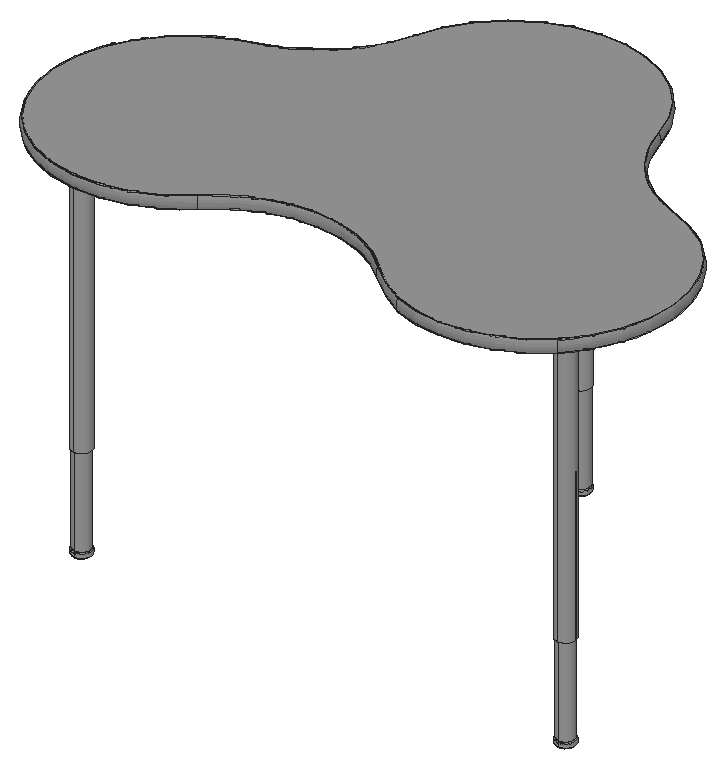
Revit family "Cloud 9 Medium - Shapes", category Generic Models, Revit 2018
Family settings
  Can host rebar = No
  Round Connector Dimension = Use Diameter
  Part Type = Normal
  Work Plane-Based = No
  Always vertical = Yes
  Cut with Voids When Loaded = No
  Shared = No
  Room Calculation Point = No
Parameters
  Table Height = 2' - 5 1/2"
  Surface = Cloud Medium S Surface
  Leg Finish = Shapes Leg Platinum
  Edgeband = Cloud Medium S Edgeband
  Caster/Glider = Shapes Leg - Glider : Shapes Leg - Glider
Reference planes (in)
  plane 1 "Center (Front/Back)": y = 0
  plane 2: z = 0
  plane 3 "Center (Left/Right)": x = 0
  plane 4 "Table Height": z = 29.5
Dimensions and locks (in)
  "Table Height": plane 4 "Table Height" to level
  aligned and locked: plane 2 to level
  aligned and locked: nested 1 to plane 4 "Table Height"
Nested families (in)
  nested 1: "Cloud 9 Medium Tabletop" at (0, 0, 5.30129), type "Cloud 9 Medium Tabletop"
  nested 2: "Shapes Leg - Glider" at (0, 16.5, 0) x (0, 1, 0) z (0, 0, 1), Leg Height <- "Table Height", Shapes Leg Finish <- "Leg Finish", type "Shapes Leg - Glider"
    with Shapes Leg Finish Shapes Leg Platinum, Leg Height 2' - 5 1/2"
  nested 3: "Shapes Leg - Glider" at (19, -8.75, 0) x (0, 1, 0) z (0, 0, 1), Leg Height <- "Table Height", type <- "Caster/Glider", Shapes Leg Finish <- "Leg Finish", type "Shapes Leg - Glider"
    with Shapes Leg Finish Shapes Leg Platinum, Leg Height 2' - 5 1/2"
  nested 4: "Shapes Leg - Glider" at (-19, -8.75, 0) x (0, 1, 0) z (0, 0, 1), Leg Height <- "Table Height", type <- "Caster/Glider", Shapes Leg Finish <- "Leg Finish", type "Shapes Leg - Glider"
    with Shapes Leg Finish Shapes Leg Platinum, Leg Height 2' - 5 1/2"
Definition of nested family "Cloud 9 Medium Tabletop"
  Parameters (values of type "Cloud 9 Medium Tabletop")
    Surface = none
    Edgeband = none
  Reference planes (in)
    plane 1 "Center (Front/Back)": y = 0
    plane 2: z = 0
    plane 3 "Center (Left/Right)": x = 0
  Forms (in)
    Extrusion 1, solid, material <- "Surface"
      sketch origin (0, 0, 0) x (1, 0, 0) y (0, 1, 0)
        loop
          arc (-9.7101, 12.40858) -> (-10.72394, 10.06942) -> (-12.26949, 8.0419) r 10.54602
          arc (-12.26949, 8.0419) -> (-13.47902, 7.0537) -> (-14.80218, 6.22378) r 12.52038
          arc (-14.80218, 6.22378) -> (-16.39942, 5.55526) -> (-18.04198, 5.00748) r 23.24421
          arc (-18.04198, 5.00748) -> (-22.90302, -9.64466) -> (-7.59329, -11.62635) r 10.00476
          arc (-7.59329, -11.62635) -> (-0.49938, -8.75115) -> (6.59454, -11.62635) r 10.18892
          arc (6.59454, -11.62635) -> (8.21142, -12.92297) -> (10.01932, -13.9364) r 12.57531
          arc (10.01932, -13.9364) -> (15.74953, -14.5099) -> (20.86605, -11.86692) r 10.12801
          arc (20.86605, -11.86692) -> (23.76991, -4.23295) -> (20.12019, 3.07386) r 10.1665
          arc (20.12019, 3.07386) -> (18.16474, 4.26717) -> (16.04369, 5.13256) r 14.28518
          arc (16.04369, 5.13256) -> (11.95513, 7.84555) -> (9.59362, 12.14671) r 10.26165
          arc (9.59362, 12.14671) -> (0.04094, 19.58878) -> (-9.7101, 12.40858) r 10.02749
      from 24.19871 to 25.1782
    Sweep 2, solid, material <- "Edgeband"
      path in 3D
        loop
          arc (9.59362, 12.14671, 25.1782) -> (11.95513, 7.84555, 25.1782) -> (16.04369, 5.13256, 25.1782) r 10.26165
          arc (16.04369, 5.13256, 25.1782) -> (18.16474, 4.26717, 25.1782) -> (20.12019, 3.07386, 25.1782) r 14.28518
          arc (20.12019, 3.07386, 25.1782) -> (23.76991, -4.23295, 25.1782) -> (20.86605, -11.86692, 25.1782) r 10.1665
          arc (20.86605, -11.86692, 25.1782) -> (15.74953, -14.5099, 25.1782) -> (10.01932, -13.9364, 25.1782) r 10.12801
          arc (10.01932, -13.9364, 25.1782) -> (8.21142, -12.92297, 25.1782) -> (6.59454, -11.62635, 25.1782) r 12.57531
          arc (6.59454, -11.62635, 25.1782) -> (-0.49938, -8.75115, 25.1782) -> (-7.59329, -11.62635, 25.1782) r 10.18892
          arc (-7.59329, -11.62635, 25.1782) -> (-22.90302, -9.64466, 25.1782) -> (-18.04198, 5.00748, 25.1782) r 10.00476
          arc (-18.04198, 5.00748, 25.1782) -> (-16.39942, 5.55526, 25.1782) -> (-14.80218, 6.22378, 25.1782) r 23.24421
          arc (-14.80218, 6.22378, 25.1782) -> (-13.47902, 7.0537, 25.1782) -> (-12.26949, 8.0419, 25.1782) r 12.52038
          arc (-12.26949, 8.0419, 25.1782) -> (-10.72394, 10.06942, 25.1782) -> (-9.7101, 12.40858, 25.1782) r 10.54602
          arc (-9.7101, 12.40858, 25.1782) -> (0.04094, 19.58878, 25.1782) -> (9.59362, 12.14671, 25.1782) r 10.02749
      profile origin (0.04094, 19.58878, 25.1782) x (0.013565, 0.999908, 0) y (0, 0, 1)
        loop
          line (0, 0) -> (0, -0.97949)
          arc (0, -0.97949) -> (0.01408, -0.97011) -> (0.02346, -0.95603) r 0.04306
          arc (0.02346, -0.95603) -> (0.11553, -0.48975) -> (0.02346, -0.02346) r 1.22685
          arc (0.02346, -0.02346) -> (0.01408, -0.00938) -> (0, 0) r 0.04306
  Lines and regions (in)
    sketch lines
      curve 1: arc (-9.7101, 12.40858, 25.1782) -> (0.04094, 19.58878, 25.1782) -> (9.59362, 12.14671, 25.1782) r 10.02749
      curve 2: arc (-12.26949, 8.0419, 25.1782) -> (-10.72394, 10.06942, 25.1782) -> (-9.7101, 12.40858, 25.1782) r 10.54602
      curve 3: arc (-14.80218, 6.22378, 25.1782) -> (-13.47902, 7.0537, 25.1782) -> (-12.26949, 8.0419, 25.1782) r 12.52038
      curve 4: arc (-18.04198, 5.00748, 25.1782) -> (-16.39942, 5.55526, 25.1782) -> (-14.80218, 6.22378, 25.1782) r 23.24421
      curve 5: arc (-7.59329, -11.62635, 25.1782) -> (-22.90302, -9.64466, 25.1782) -> (-18.04198, 5.00748, 25.1782) r 10.00476
      curve 6: arc (6.59454, -11.62635, 25.1782) -> (-0.49938, -8.75115, 25.1782) -> (-7.59329, -11.62635, 25.1782) r 10.18892
      curve 7: arc (10.01932, -13.9364, 25.1782) -> (8.21142, -12.92297, 25.1782) -> (6.59454, -11.62635, 25.1782) r 12.57531
      curve 8: arc (20.86605, -11.86692, 25.1782) -> (15.74953, -14.5099, 25.1782) -> (10.01932, -13.9364, 25.1782) r 10.12801
      curve 9: arc (20.12019, 3.07386, 25.1782) -> (23.76991, -4.23295, 25.1782) -> (20.86605, -11.86692, 25.1782) r 10.1665
      curve 10: arc (16.04369, 5.13256, 25.1782) -> (18.16474, 4.26717, 25.1782) -> (20.12019, 3.07386, 25.1782) r 14.28518
      curve 11: arc (9.59362, 12.14671, 25.1782) -> (11.95513, 7.84555, 25.1782) -> (16.04369, 5.13256, 25.1782) r 10.26165
  Dimensions and locks (in)
    aligned and locked: plane 2 to level
Definition of nested family "Shapes Leg - Glider"
  Parameters (values of type "Shapes Leg - Glider")
    Shapes Leg Finish [instance] = none
    Leg Height [instance] = 2' - 4 1/2"
  Reference planes (in)
    plane 1 "Center (Front/Back)": y = 0
    plane 2: z = 0
    plane 3 "Center (Left/Right)": x = 0
  Forms (in)
    Extrusion 1, solid
      sketch origin (-0.01562, 0, 0) x (1, 0, 0) y (0, 1, 0)
        loop
          circle (0.01563, 0) r 0.64906
      from 0.50586 to 20.17439
  Dimensions and locks (in)
    "Leg Height": nested 2 to level
    aligned and locked: plane 2 to level
  Automatic sketch dimensions
    plane 1 "Center (Front/Back)" to Extrusion 1 sketch curve = 0' - 0"
    Extrusion 1 sketch curve to plane 3 "Center (Left/Right)" = 0' - 0"
    radius of Extrusion 1 sketch curve = 0' - 0.64906"
  Nested families (in)
    nested 1: "Glider" at (0, 0, 0), type "Glider"
    nested 2: "Shapes Upper Leg" at (0, 0, 0), Shapes Leg Finish <- "Shapes Leg Finish", type "Shapes Upper Leg"
      with Shapes Leg Finish none
  Definition of nested family "Glider"
    Reference planes (in)
      plane 1 "Center (Front/Back)": y = 0
      plane 2: z = 0
      plane 3 "Center (Left/Right)": x = 0
    Forms (in)
      Revolve 1, solid
        sketch origin (0, 0, 0) x (1, 0, 0) y (0, 0, 1)
          loop
            line (0.26614, 0.50586) -> (0, 0.50586) -> (0, 0.09994) -> (0.71656, 0.09994) -> (0.71656, 0.37634)
            arc (0.71656, 0.37634) -> (0.70181, 0.41548) -> (0.66511, 0.43552) r 0.06011
            arc (0.66511, 0.43552) -> (0.46609, 0.45951) -> (0.26614, 0.47365) r 4.06535
            line (0.26614, 0.47365) -> (0.26614, 0.50586)
          axis (0, 0.50586) -> (0, 0.09994)
        angle from 0 to 360
      Revolve 2, solid
        sketch origin (0, 0, 0) x (1, 0, 0) y (0, 0, 1)
          loop
            line (0.65534, 0.1212) -> (0, 0.1212) -> (0, 0) -> (0.57593, 0)
            arc (0.57593, 0) -> (0.63208, 0.02326) -> (0.65534, 0.07941) r 0.07941
            line (0.65534, 0.07941) -> (0.65534, 0.1212)
          axis (0, 0.1212) -> (0, 0)
        angle from 0 to 360
    Dimensions and locks (in)
      aligned and locked: plane 2 to level
  Definition of nested family "Shapes Upper Leg"
    Parameters (values of type "Shapes Upper Leg")
      Shapes Leg Finish [instance] = none
    Reference planes (in)
      plane 1 "Center (Front/Back)": y = 0
      plane 2: z = 0
      plane 3 "Center (Left/Right)": x = 0
    Forms (in)
      Extrusion 1, solid, material <- "Shapes Leg Finish"
        sketch origin (0, 0, 0) x (1, 0, 0) y (0, 1, 0)
          loop
            circle (0, 0) r 0.75
        from 6.5 to 28.5
    Dimensions and locks (in)
      aligned and locked: plane 2 to level
